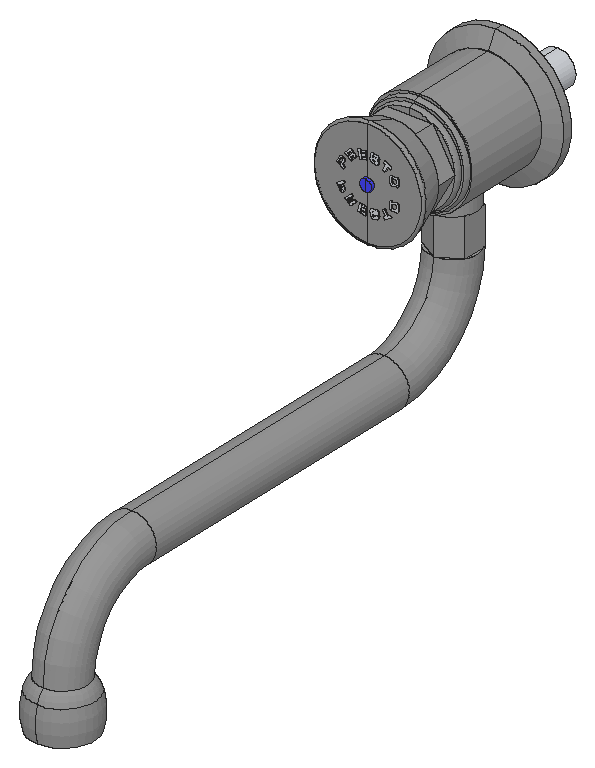
Revit family "31815", category Plumbing Fixtures, Revit 2022
Family settings
  Round Connector Dimension = Use Diameter
  Part Type = Normal
  OmniClass Number = 23.45.00.00
  OmniClass Title = Sanitary, Laundry, and Cleaning Equipment
  Work Plane-Based = Yes
  Always vertical = Yes
  Cut with Voids When Loaded = No
  Maintain Annotation Orientation = No
  Shared = No
  Room Calculation Point = No
Parameters (values of type "31815-presto")
  ref = "31815 - PRESTO 612"
  min pressure = 1.0 bar
  min flow = 1.0 L/min
  hieght [instance] = 900 mm
  brand = "LES ROBINETS PRESTO"
  Working Pressure [instance] = 5.0 bar
  URL = "https://www.prestodatashare.com/espacedoc/Fiches_Techniques/GB/31815.pdf"
  Thermal Resistance [instance] = 75.0000 (m²·K)/W
  Standards & approvals [instance] = "Acoustic class II / - Brass body in accordance with EN 1982, EN 12164, EN 12156 / - Molded chrome-plated body in accordance with EN 12540 / - 200-hour neutral salt spray resistant (NSS) in accordance with ISO 9227"
  Security [instance] = "Interchangeable head and non-turnable push-button\r\nNon-removable, wear-proof coloured marke"
  Ref [instance] = "31815 - PRESTO 612"
  Recommended pressure = 3.0 bar
  Range [instance] = "Single wall-mounted tap with swivel spout"
  Model = "31815"
  Materials & Finish [instance] = "Bouton-poussoir noir en polyacétal"
  Manufacturer = "presto"
  MATERIALS [instance] = Stainless Steel AISI 304
  Hydraulic Supply [instance] = 15.00 mm
  Flow Time = 15.0 s
  Flow = 3.0 L/min
  Description = "Single wall-mounted tap with swivel spout"
  Delivered with [instance] = "Instruction manual"
  Default Elevation = 1219.2 mm
Reference planes
  plane 1 "Center (Front/Back)": y = 0
  plane 2: z = 0
  plane 3 "Center (Left/Right)": x = 0
  plane 4 "face": through (29.517, 0, 204.916) normal (-0.866, 0, 0.5)
  plane 5 "water tap": through (53.312, 0, 31.041) normal (0.3256, 0, -0.9455)
  plane 6 "shapes": through (82.797, 0, 179.034) normal (-0.5, 0, -0.866)
Forms (mm)
  Extrusion 1, solid
    sketch origin (0.012, -83.826, -10.721) x (0, 0, 1) y (-1, 0, 0)
      loop
        line (14.252, 11.008) -> (12.643, 8.576) -> (13.378, 8.09) -> (13.902, 8.882) -> (14.759, 8.315)
        arc (14.759, 8.315) -> (16.121, 8.593) -> (15.843, 9.955) r 0.983
        line (15.843, 9.955) -> (14.252, 11.008)
      loop
        line (17.821, 5.257) -> (17.202, 4.585) -> (17.829, 4.008)
        arc (17.829, 4.008) -> (18.272, 4.515) -> (18.562, 5.122) r 2.481
        arc (18.562, 5.122) -> (19.018, 5.304) -> (19.353, 5.663) r 1.121
        arc (19.353, 5.663) -> (19.523, 6.126) -> (19.316, 6.574) r 0.645
        line (19.316, 6.574) -> (17.761, 8.005) -> (15.8, 5.876) -> (16.427, 5.299) -> (17.045, 5.971) -> (17.821, 5.257)
      loop
        line (17.856, 7.146) -> (17.299, 6.542) -> (18.155, 5.754)
        arc (18.155, 5.754) -> (18.735, 5.778) -> (18.711, 6.358) r 0.41
        line (18.711, 6.358) -> (17.856, 7.146)
      loop
        line (19.885, 2.442) -> (20.138, 0.847) -> (20.914, 0.97) -> (20.662, 2.565) -> (19.885, 2.442)
      loop
        line (17.775, 2.107) -> (18.032, 0.481) -> (18.821, 0.606) -> (18.563, 2.232) -> (17.775, 2.107)
      loop
        line (19.048, 0.803) -> (19.835, 0.928) -> (19.602, 2.397) -> (18.815, 2.272) -> (19.048, 0.803)
      loop
        line (14.504, 10.145) -> (14.051, 9.46) -> (15.053, 8.797)
        arc (15.053, 8.797) -> (15.622, 8.913) -> (15.506, 9.482) r 0.41
        line (15.506, 9.482) -> (14.504, 10.145)
      loop
        line (20.524, 3.514) -> (17.632, 3.056) -> (17.755, 2.281) -> (20.647, 2.739) -> (20.524, 3.514)
      loop
        arc (20.52, -0.966) -> (20.136, -0.877) -> (19.742, -0.891) r 1.517
        arc (19.742, -0.891) -> (19.332, -1.155) -> (19.15, -1.607) r 0.805
        line (19.15, -1.607) -> (18.87, -2.926)
        arc (18.87, -2.926) -> (18.68, -2.201) -> (19.044, -1.545) r 1.008
        line (19.044, -1.545) -> (19.224, -0.697)
        arc (19.224, -0.697) -> (18.457, -0.848) -> (18.016, -1.494) r 1.031
        line (18.016, -1.494) -> (17.805, -2.607)
        arc (17.805, -2.607) -> (18.528, -3.721) -> (19.642, -2.997) r 0.939
        line (19.642, -2.997) -> (19.936, -1.612)
        arc (19.936, -1.612) -> (20.212, -2.373) -> (19.715, -3.013) r 0.838
        line (19.715, -3.013) -> (19.541, -3.829)
        arc (19.541, -3.829) -> (20.257, -3.717) -> (20.725, -3.165) r 1.039
        line (20.725, -3.165) -> (20.961, -2.056)
        arc (20.961, -2.056) -> (20.914, -1.44) -> (20.52, -0.966) r 1.016
      loop
        line (18.642, -8.092) -> (19.941, -5.843) -> (19.247, -5.443) -> (18.816, -6.189) -> (16.991, -5.135) -> (16.54, -5.916) -> (18.366, -6.969) -> (17.949, -7.692) -> (18.642, -8.092)
      loop
        line (16.145, -10.001) -> (16.145, -8.337)
        arc (16.145, -8.337) -> (15.93, -7.82) -> (15.413, -7.605) r 0.732
        line (15.413, -7.605) -> (14.018, -7.605)
        arc (14.018, -7.605) -> (13.487, -7.826) -> (13.267, -8.357) r 0.751
        line (13.267, -8.357) -> (13.267, -9.98)
        arc (13.267, -9.98) -> (13.486, -10.508) -> (14.013, -10.726) r 0.746
        line (14.013, -10.726) -> (15.419, -10.726)
        arc (15.419, -10.726) -> (15.932, -10.514) -> (16.145, -10.001) r 0.725
      loop
        line (15.543, -9.419) -> (15.543, -8.336) -> (14.484, -8.336)
        arc (14.484, -8.336) -> (14.048, -8.517) -> (13.867, -8.953) r 0.617
        line (13.867, -8.953) -> (13.867, -10.019) -> (14.943, -10.019)
        arc (14.943, -10.019) -> (15.367, -9.843) -> (15.543, -9.419) r 0.6
    from -25.366 to -27.207
  Extrusion 2, solid
    sketch origin (0.012, -83.826, 10.831) x (0, 0, -1) y (1, 0, 0)
      loop
        line (14.252, -11.008) -> (15.843, -9.955)
        arc (15.843, -9.955) -> (16.121, -8.593) -> (14.759, -8.315) r 0.983
        line (14.759, -8.315) -> (13.902, -8.882) -> (13.378, -8.09) -> (12.643, -8.576) -> (14.252, -11.008)
      loop
        line (17.821, -5.257) -> (17.045, -5.971) -> (16.427, -5.299) -> (15.8, -5.876) -> (17.761, -8.005) -> (19.316, -6.574)
        arc (19.316, -6.574) -> (19.523, -6.126) -> (19.353, -5.663) r 0.645
        arc (19.353, -5.663) -> (19.018, -5.304) -> (18.562, -5.122) r 1.121
        arc (18.562, -5.122) -> (18.272, -4.515) -> (17.829, -4.008) r 2.481
        line (17.829, -4.008) -> (17.202, -4.585) -> (17.821, -5.257)
      loop
        line (17.856, -7.146) -> (18.711, -6.358)
        arc (18.711, -6.358) -> (18.735, -5.778) -> (18.155, -5.754) r 0.41
        line (18.155, -5.754) -> (17.299, -6.542) -> (17.856, -7.146)
      loop
        line (19.885, -2.442) -> (20.662, -2.565) -> (20.914, -0.97) -> (20.138, -0.847) -> (19.885, -2.442)
      loop
        line (17.775, -2.107) -> (18.563, -2.232) -> (18.821, -0.606) -> (18.032, -0.481) -> (17.775, -2.107)
      loop
        line (19.048, -0.803) -> (18.815, -2.272) -> (19.602, -2.397) -> (19.835, -0.928) -> (19.048, -0.803)
      loop
        line (14.504, -10.145) -> (15.506, -9.482)
        arc (15.506, -9.482) -> (15.622, -8.913) -> (15.053, -8.797) r 0.41
        line (15.053, -8.797) -> (14.051, -9.46) -> (14.504, -10.145)
      loop
        line (20.524, -3.514) -> (20.647, -2.739) -> (17.755, -2.281) -> (17.632, -3.056) -> (20.524, -3.514)
      loop
        arc (20.52, 0.966) -> (20.914, 1.44) -> (20.961, 2.056) r 1.016
        line (20.961, 2.056) -> (20.725, 3.165)
        arc (20.725, 3.165) -> (20.257, 3.717) -> (19.541, 3.829) r 1.039
        line (19.541, 3.829) -> (19.715, 3.013)
        arc (19.715, 3.013) -> (20.212, 2.373) -> (19.936, 1.612) r 0.838
        line (19.936, 1.612) -> (19.642, 2.997)
        arc (19.642, 2.997) -> (18.528, 3.721) -> (17.805, 2.607) r 0.939
        line (17.805, 2.607) -> (18.016, 1.494)
        arc (18.016, 1.494) -> (18.457, 0.848) -> (19.224, 0.697) r 1.031
        line (19.224, 0.697) -> (19.044, 1.545)
        arc (19.044, 1.545) -> (18.68, 2.201) -> (18.87, 2.926) r 1.008
        line (18.87, 2.926) -> (19.15, 1.607)
        arc (19.15, 1.607) -> (19.332, 1.155) -> (19.742, 0.891) r 0.805
        arc (19.742, 0.891) -> (20.136, 0.877) -> (20.52, 0.966) r 1.517
      loop
        line (18.642, 8.092) -> (17.949, 7.692) -> (18.366, 6.969) -> (16.54, 5.916) -> (16.991, 5.135) -> (18.816, 6.189) -> (19.247, 5.443) -> (19.941, 5.843) -> (18.642, 8.092)
      loop
        arc (16.145, 10.001) -> (15.932, 10.514) -> (15.419, 10.726) r 0.725
        line (15.419, 10.726) -> (14.013, 10.726)
        arc (14.013, 10.726) -> (13.486, 10.508) -> (13.267, 9.98) r 0.746
        line (13.267, 9.98) -> (13.267, 8.357)
        arc (13.267, 8.357) -> (13.487, 7.826) -> (14.018, 7.605) r 0.751
        line (14.018, 7.605) -> (15.413, 7.605)
        arc (15.413, 7.605) -> (15.93, 7.82) -> (16.145, 8.337) r 0.732
        line (16.145, 8.337) -> (16.145, 10.001)
      loop
        arc (15.543, 9.419) -> (15.367, 9.843) -> (14.943, 10.019) r 0.6
        line (14.943, 10.019) -> (13.867, 10.019) -> (13.867, 8.953)
        arc (13.867, 8.953) -> (14.048, 8.517) -> (14.484, 8.336) r 0.617
        line (14.484, 8.336) -> (15.543, 8.336) -> (15.543, 9.419)
    from -25.366 to -27.207
  Revolve 3, solid
    sketch origin (0, 0, -111.563) x (0, 1, 0) y (0, 0, 1)
      loop
        line (0, 111.618) -> (24, 111.618) -> (24, 117.868) -> (0, 117.868) -> (0, 111.618)
      axis (0, 111.618) -> (24, 111.618)
    angle from 0 to 360
Dimensions and locks
  aligned and locked: level to plane 2
Nested families
  nested 1: "31815" at (0, 0, -117.862) x (0, -1, 0) z (0, 0, 1), MATERIALS <- "MATERIALS", type "31815"
    with hieght 900 mm, Working pressure "", Thermal resistance "", Standards  approvals "", Security "", Material and colour finish "", MATERIALS Stainless Steel AISI 304, Flow time "", Flow "", Delivered with ""
Connectors
  piping at (0, 24, 0.055), diameter 12.5
    settings: on Revolve 3, index 1, connector inside diameter 609.6 mm, connector length 0 mm, flow factor 0, pipe flow 0.0 L/min, pressure drop 0.0 bar, fitting loss kfactor 0, connector angle 0.00°, fixture units 0, engagement length 0 mm, angle of deflection 0.00°, flow configuration 0, flow direction 0, fitting loss method 0, system type 7, joint type 0, gender type 0, connector reference index -1, connector utility 0, adjustable connector no, is connector primary yes, connector description ""
Definition of nested family "31815"
  Parameters (values of type "31815")
    hieght [instance] = 900 mm
    Working pressure [instance] = ""
    Thermal resistance [instance] = ""
    Standards  approvals [instance] = ""
    Security [instance] = ""
    Material and colour finish [instance] = ""
    MATERIALS [instance] = none
    Hydraulic supply = ""
    Flow time [instance] = ""
    Flow [instance] = ""
    Delivered with [instance] = ""
    Default Elevation = 1219.2 mm
  Reference planes
    plane 1 "Center (Front/Back)": y = 0
    plane 2: z = 0
    plane 3 "Center (Left/Right)": x = 0
    plane 4 "shapes": x = 40.284
    plane 5 "start tap": z = 107.917
    plane 6 "tap": z = 22.736
  Forms (mm)
    Revolve 1, solid
      sketch origin (0, 0, 107.5) x (1, 0, 0) y (0, 0, 1)
        loop
          line (0, 34.433) -> (0, 10.417) -> (6.096, 10.417) -> (6.096, 28.854) -> (3.003, 34.433) -> (0, 34.433)
        axis (0, 10.417) -> (6.096, 10.417)
      angle from 0 to 360
    Revolve 2, solid
      sketch origin (0, 0, 0) x (1, 0, 0) y (0, 0, 1)
        loop
          line (6.096, 136.354) -> (6.096, 117.917) -> (40.284, 117.917) -> (40.284, 133.609)
          arc (40.284, 133.609) -> (39.251, 134.106) -> (38.104, 134.106) r 2.575
          line (38.104, 134.106) -> (38.104, 135.029)
          arc (38.104, 135.029) -> (37.135, 135.431) -> (36.096, 135.567) r 4.017
          line (36.096, 135.567) -> (36.096, 136.354) -> (6.096, 136.354)
        axis (6.096, 117.917) -> (40.284, 117.917)
      angle from 0 to 360
    Extrusion 3, solid
      sketch origin (40.284, 0, 0) x (0, 0, -1) y (0, 1, 0)
        loop
          line (-117.917, 15.692) -> (-131.507, 7.846) -> (-131.507, -7.846) -> (-117.917, -15.692) -> (-104.327, -7.846) -> (-104.327, 7.846) -> (-117.917, 15.692)
        loop
          circle (-117.917, 0) r 12.154
      from 0 to 7.625
    Revolve 4, solid
      sketch origin (0, 0, 0) x (1, 0, 0) y (0, 0, 1)
        loop
          line (47.909, 133.769) -> (47.909, 117.917) -> (58.444, 117.917) -> (58.444, 136.532)
          arc (58.444, 136.532) -> (58.028, 137.126) -> (57.306, 137.189) r 0.858
          line (57.306, 137.189) -> (47.909, 133.769)
        axis (47.909, 117.917) -> (58.444, 117.917)
      angle from 0 to 360
    Revolve 5, solid
      sketch origin (-4.375, 0, 0) x (1, 0, 0) y (0, 0, 1)
        loop
          line (17.78, 107.917) -> (17.78, 95.814) -> (25.802, 95.814) -> (25.802, 107.917) -> (17.78, 107.917)
        axis (25.802, 107.917) -> (25.802, 95.814)
      angle from 0 to 360
    Extrusion 6, solid
      sketch origin (0, 0, 0) x (1, 0, 0) y (0, 1, 0)
        loop
          line (30.074, 0) -> (25.703, 7.572) -> (17.152, 7.572) -> (12.78, 0) -> (17.152, -7.572) -> (25.703, -7.572) -> (30.074, 0)
        loop
          circle (21.427, 0) r 5.924
      from 82.736 to 95.814
    Sweep 7, solid
      path origin (0, 0, 0) x (1, 0, 0) y (0, 0, 1)
        loop
          arc (21.427, 82.736) -> (30.214, 61.523) -> (51.427, 52.736) r 30
          line (51.427, 52.736) -> (161.427, 52.736)
          arc (161.427, 52.736) -> (182.641, 43.949) -> (191.427, 22.736) r 30
      profile origin (30.214, 0, 61.523) x (0.707107, 0, 0.707107) y (0, -1, 0)
        loop
          circle (0, 0) r 8.5
    Revolve 8, solid
      sketch origin (0, 0, 0) x (1, 0, 0) y (0, 0, 1)
        loop
          line (199.927, 22.736) -> (191.427, 22.736) -> (191.427, 6.299) -> (202.427, 6.299)
          arc (202.427, 6.299) -> (203.191, 12.353) -> (202.427, 18.406) r 24.378
          arc (202.427, 18.406) -> (201.474, 20.743) -> (199.927, 22.736) r 9.284
        axis (191.427, 22.736) -> (191.427, 6.299)
      angle from 0 to 360
    Revolve 9, solid
      sketch origin (0, 0, 0) x (1, 0, 0) y (0, 0, 1)
        loop
          line (58.444, 117.917) -> (59.471, 117.917) -> (59.471, 119.939) -> (58.444, 119.939) -> (58.444, 117.917)
        axis (58.444, 117.917) -> (59.471, 117.917)
      angle from 0 to 360
  Cuts and joins
    joined: Revolve 2, Revolve 5
  Dimensions and locks
    aligned and locked: level to plane 2
    aligned and locked: Revolve 1 to plane 3 "Center (Left/Right)"
    aligned and locked: Revolve 4 to Revolve 9
    aligned and locked: cut or joined group of Revolve 2, Revolve 5 to Extrusion 6
